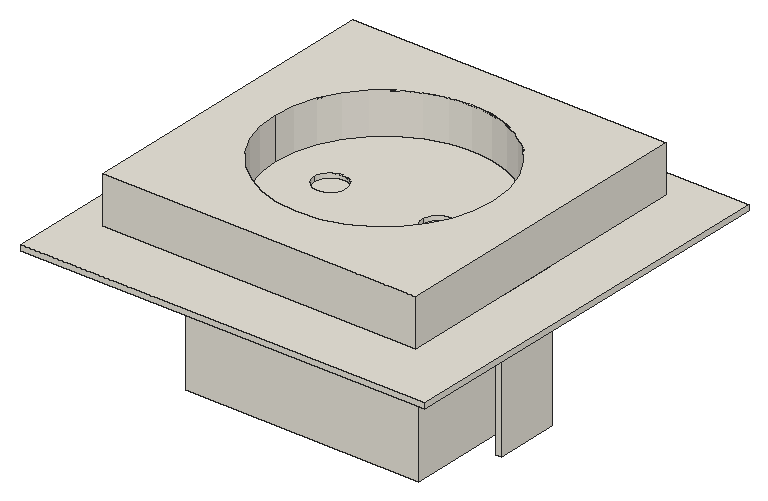
Revit family "Gira_2776600", category Electrical Fixtures, host Face, Revit 2017
Family settings
  Host = Face
  Maintain Annotation Orientation = Yes
  Round Connector Dimension = Use Diameter
  Part Type = Normal
  Cut with Voids When Loaded = No
  Shared = No
  Room Calculation Point = No
Parameters (values of type "Steckd. BS 13 A SH System 55 Edelstahl(lack.)")
  Überspannungsschutz = "No"
  Werkstoffgüte = "sonstige"
  Werkstoff = "sonstige"
  Verdrehter Zentraleinsatz = "No"
  URL = "http://katalog.gira.de/de_DE/datenblatt.html?artikelnr=2776600"
  Transparent = "No"
  Textfeld/Beschriftungsfläche = "No"
  Sonderstromversorgung = "ohne Sonderstromversorgung"
  Schutzleiterkontakt rund = "No"
  Schutzkontakt = "No"
  Region = "DE"
  Oberfläche = "sonstige"
  Nennstrom = "13 Ampere"
  Nennspannung = "250 Volt"
  Name = "Steckd. BS 13 A SH System 55 Edelstahl(lack.)"
  Montageart = "unter Putz"
  Model = "SYS55_Steckdose"
  Mit erhöhtem Berührungsschutz = "Yes"
  Mit eingebauter USB-Spannungsversorgung = "No"
  Mit Signallampe = "No"
  Mit Orientierungsbeleuchtung = "No"
  Mit Klappdeckel = "No"
  Mit Funktionsbeleuchtung = "No"
  Mit Feinsicherung = "No"
  Mit Ein-/Ausschalter = "No"
  Mit Durchschleiffunktion = "No"
  Manufacturer URL = "https://www.gira.de/"
  Isolierter Einbau = "No"
  HeinzeBIM = "https://bimportal.heinze.de/bim/steckd-bs-13-a-sh-system-55-edelstahl-lack-/013a5a1f1a05b22667d09495e1a0d97ba33e6ca6"
  Halogenfrei = "No"
  HAN = "2776600"
  Geeignet für Schutzart (IP) = "IP20"
  GTIN = "4010337022077"
  Für "erschwerte Bedingungen" (nach VDE) = "No"
  Fehlerstromschutz = "No"
  Farbe = "edelstahl"
  Default Elevation = 1219.2 mm
  Data sheet (1) = "https://katalog.gira.de/de_DE/download.html?artikelnr=2776600"
  Cremeweiß glänzend = Cremeweiß glänzend
  Category = "Steckdose"
  Befestigungsart = "Befestigung mit Schraube"
  Available = "Yes"
  Auswurfmechanismus = "No"
  Ausführung = "British Standard"
  Aufdruck/Kennzeichnung = "ohne Aufdruck"
  Anzahl der Steckdosen schaltbar = "0 "
  Anzahl der Module (bei Modulbauweise) = "1 "
  Anzahl der Einheiten = "1 "
  Antibakterielle Behandlung = "No"
  Anschlussart = "Schraubklemme"
  Abschließbar = "No"
Reference planes
  plane 1 "Center (Front/Back)": y = 0
  plane 2 "Reference Level 0": z = 0
  plane 3 "Center (Left/Right)": x = 0
  plane 4: x = 9.5
  plane 5: x = -9.5
  plane 6: x = 9.5
  plane 7: x = -9.5
  plane 8: x = 9.5
  plane 9: x = -9.5
  plane 10: x = 17.5
  plane 11 "Reference Level 1": z = 8.2
Forms (mm)
  Extrusion 1, solid, material "Cremeweiß glänzend" <- "Cremeweiß glänzend", detail levels coarse
    sketch origin (0, 0, 0) x (1, 0, 0) y (0, 1, 0)
      loop
        line (-35.5, 35.5) -> (-35.5, -35.5) -> (35.5, -35.5) -> (35.5, 35.5) -> (-35.5, 35.5)
    from -27.5 to 8.2
  Extrusion 2, solid, material "Cremeweiß glänzend" <- "Cremeweiß glänzend", detail levels medium+fine
    sketch origin (0, 0, 0) x (1, 0, 0) y (0, 1, 0)
      loop
        line (-35.5, 35.5) -> (-35.5, -35.5) -> (35.5, -35.5) -> (35.5, 35.5) -> (-35.5, 35.5)
    from -2.2 to -3.2
  Extrusion 3, solid, material "Cremeweiß glänzend" <- "Cremeweiß glänzend", detail levels medium+fine
    sketch origin (0, 0, 0) x (1, 0, 0) y (0, 1, 0)
      loop
        line (-27.5, 27.5) -> (-27.5, -27.5) -> (27.5, -27.5) -> (27.5, 27.5) -> (-27.5, 27.5)
      loop
        circle (0, 0) r 19.2
    from 0 to 8.2
  Extrusion 4, solid, material "Cremeweiß glänzend" <- "Cremeweiß glänzend", detail levels fine
    sketch origin (0, 0, 0) x (1, 0, 0) y (0, 1, 0)
      loop
        circle (0, 0) r 19.2
      loop
        circle (9.5, 0) r 2.8
      loop
        circle (-9.5, 0) r 2.8
    from 0 to 1
  Extrusion 5, solid, material "Cremeweiß glänzend" <- "Cremeweiß glänzend", detail levels fine
    sketch origin (0, 0, 0) x (1, 0, 0) y (0, 1, 0)
      loop
        circle (-9.5, 0) r 2.8
      loop
        circle (9.5, 0) r 2.8
    from -2.2 to 0.3
  Extrusion 6, solid, material "Cremeweiß glänzend" <- "Cremeweiß glänzend", detail levels medium
    sketch origin (0, 0, 0) x (1, 0, 0) y (0, 1, 0)
      loop
        circle (0, 0) r 19.2
      loop
        circle (9.5, 0) r 2.8
      loop
        circle (-9.5, 0) r 2.8
    from 7.2 to 8.2
  Extrusion 7, solid, material "Cremeweiß glänzend" <- "Cremeweiß glänzend", detail levels medium
    sketch origin (0, 0, 0) x (1, 0, 0) y (0, 1, 0)
      loop
        circle (-9.5, 0) r 2.8
      loop
        circle (9.5, 0) r 2.8
    from 7.2 to 8.2
  Extrusion 8, solid, material "Cremeweiß glänzend" <- "Cremeweiß glänzend", detail levels medium+fine
    sketch origin (0, 0, 0) x (1, 0, 0) y (0, 1, 0)
      loop
        line (-20.5, 9) -> (-20.5, -18) -> (20.5, -18) -> (20.5, 9) -> (17.5, 9) -> (3, 21) -> (3, 24) -> (-3, 24) -> (-3, 21) -> (-17.5, 9) -> (-20.5, 9)
    from 0 to -27.5
  Extrusion 9, solid, material "Cremeweiß glänzend" <- "Cremeweiß glänzend", detail levels medium+fine
    sketch origin (0, 0, 0) x (1, 0, 0) y (0, 1, 0)
      loop
        line (-25, 5.5) -> (-25, -5.5) -> (-24, -5.5) -> (-24, 5.5) -> (-25, 5.5)
    from 0 to -27.5
  Extrusion 10, solid, material "Cremeweiß glänzend" <- "Cremeweiß glänzend", detail levels medium+fine
    sketch origin (0, 0, 0) x (-1, 0, 0) y (0, -1, 0)
      loop
        line (-25, 5.5) -> (-25, -5.5) -> (-24, -5.5) -> (-24, 5.5) -> (-25, 5.5)
    from 0 to -27.5
Dimensions and locks
  aligned and locked: plane 2 "Reference Level 0" to host face
  aligned and locked: level to host face
  aligned and locked: plane 3 "Center (Left/Right)" to nested 1
  aligned and locked: plane 1 "Center (Front/Back)" to nested 1
Nested families
  nested 1: "Steckdose 1-fach Beschriftung" at (0, 0, 0), type "Steckdose 1-fach Beschriftung"
Connectors
  electrical at (0, 9, -27.5)
    settings: on Extrusion 8, index 1, voltage 220 V, apparent load 0 VA, apparent load phase1 0 VA, apparent load phase2 0 VA, apparent load phase3 0 VA, power factor 1, load classification "Other", number of poles 1, system type 31, power factor state 1, is connector primary yes, connector utility no, sub classification motor no, connector description ""
Definition of nested family "Steckdose 1-fach Beschriftung"
  Reference planes
    plane 1: y = 0
    plane 2: x = 0
  Lines and regions (mm)
    detail lines
      curve 1: line (0, 0, 0) -> (0, 2, 0)
      curve 3: line (0, 2, 0) -> (-1, 2, 0)
      curve 4: arc (1, 3, 0) -> (0, 2, 0) -> (-1, 3, 0) r 1
      curve 5: line (0, 2, 0) -> (1, 2, 0)
    reference lines
      curve 2: line (-0.485, 3, 0) -> (2.315, 3, 0)
  Dimensions and locks
    curve 1 to curve 1 = 2 mm
    plane 1 to curve 2 = 3 mm
    curve 3 to curve 3 = 1 mm
